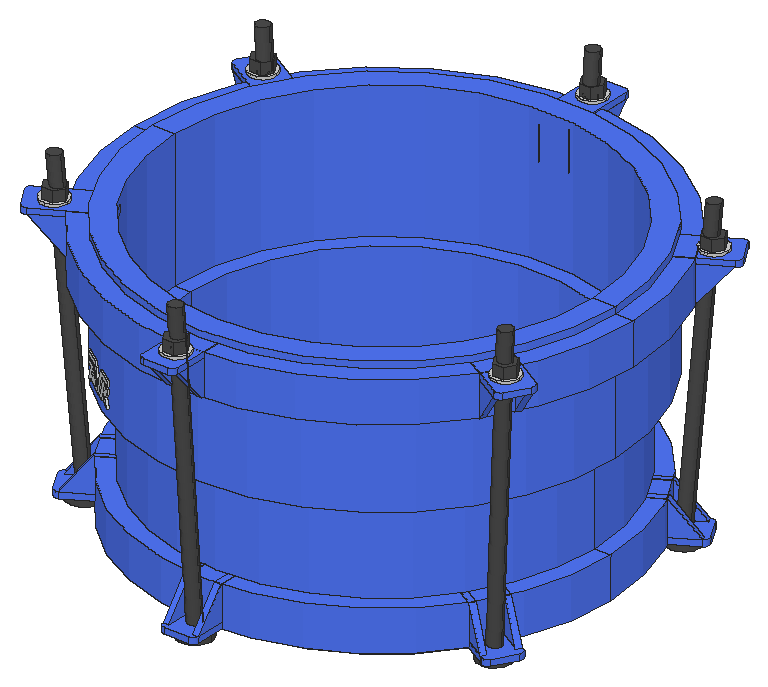
Revit family "602-1-002-DN225-300", category Pipe Accessories, Revit 2019
Family settings
  Round Connector Dimension = Use Diameter
  Part Type = Valve - Breaks Into
  Work Plane-Based = No
  Always vertical = Yes
  Cut with Voids When Loaded = No
  Shared = No
Parameters (values of type "DN300 - 350_324-350")
  W2(Addon) = W2 * 1.1  # 252.45 mm
  W2 = (D3 / 2) - 5 mm  # 229.5 mm
  W1 = 32 mm  # constant formula
  URL_product_pages = "https://www.avkvalves.com/P.aspx?no=6021191576100"
  Search_Table = "602-1-002-DN225-300"
  PCD/2 = PCD / 2  # 214 mm
  PCD(Addon) = PCD / 2 * 1.1  # 235.4 mm
  PCD = size_lookup(Search_Table, "PCD", 0 mm, DN)  # 428 mm
  L1 = size_lookup(Search_Table, "L1", 0 mm, DN)  # 160 mm
  L = size_lookup(Search_Table, "L", 0 mm, DN)  # 277 mm
  ID = DN / 2  # 150.15 mm
  F = 5 mm  # constant formula
  Description_ = "AVK UNIVERSAL SUPA® STEP COUPLING"
  DN225 = no
  DN250 = no
  DN300 = yes
  DN300 - 350_324-350 = "602-350-378-6100"
  DN300 - 350_ 301-327 = "602-327-378-6100"
  DN300 - 300_301-327 = "602-327-350-6100"
  DN250 - 300_266-292 = "602-292-327-6100"
  DN250 - 250_266-292 = "602-292-306-6100"
  DN225 - 250_242-268 = "602-268-292-6100"
  DN200 - 225_218-242 = "602-242-268-6100"
  DN200 - 225_193-215 = "602-215-268-6100"
  DN2 = Cut3 * 2  # 350 mm
  DN1 = Cut * 2  # 378 mm
  DN = 300.3 mm
  D4(Addon) = Cut3 + 20 mm  # 195 mm
  D3(Addon) = D3 * 1.1  # 515.9 mm
  D3 = size_lookup(Search_Table, "D3", 0 mm, DN)  # 469 mm
  D2(Addon) = Cut + 20 mm  # 209 mm
  D2 = Cut + 1 mm  # 190 mm
  D(Adddon) = D * 1.1  # 225.5 mm
  D = size_lookup(Search_Table, "D1", 0 mm, DN) / 2  # 205 mm
  Cut_2 = size_lookup(Search_Table, "Cut", 0 mm, DN) / 2  # 189 mm
  Cut3 = size_lookup(Search_Table, "Cut3", 0 mm, DN) / 2  # 175 mm
  Cut = size_lookup(Search_Table, "Cut", 0 mm, DN) / 2  # 189 mm
  Body_height_ref = Body_height - 12 mm  # 233 mm
  Body_height = size_lookup(Search_Table, "Body_height", 0 mm, DN)  # 245 mm
  B2 = Body_height / 2  # 122.5 mm
Types (9, lengths in mm): name | W2(Addon) | W2 | PCD/2 | PCD(Addon) | PCD | L1 | L | ID | DN225 | DN250 | DN300 | DN2 | DN1 | DN | D4(Addon) | D3(Addon) | D3 | D2(Addon) | D2 | D(Adddon) | D | Cut_2 | Cut3 | Cut
  (no name) | 252.45 | 229.5 | 214 | 235.4 | 428 | 160 | 277 | 150.15 | no | no | yes | 350 | 378 | 300.3 | 195 | 515.9 | 469 | 209 | 190 | 225.5 | 205 | 189 | 175 | 189
  DN200 - 225_193-215 | 206.8 | 188 | 175 | 192.5 | 350 | 140 | 257 | 112.5 | yes | no | no | 215 | 268 | 225 | 127.5 | 424.6 | 386 | 154 | 135 | 180.95 | 164.5 | 134 | 107.5 | 134
  DN200 - 225_218-242 | 206.8 | 188 | 175 | 192.5 | 350 | 140 | 257 | 112.55 | yes | no | no | 242 | 268 | 225.1 | 141 | 424.6 | 386 | 154 | 135 | 180.95 | 164.5 | 134 | 121 | 134
  DN225 - 250_242-268 | 228.25 | 207.5 | 194 | 213.4 | 388 | 160 | 277 | 125 | no | yes | no | 268 | 292 | 250 | 154 | 467.5 | 425 | 166 | 147 | 202.4 | 184 | 146 | 134 | 146
  DN250 - 250_266-292 | 228.25 | 207.5 | 194 | 213.4 | 388 | 160 | 277 | 125.05 | no | yes | no | 292 | 306 | 250.1 | 166 | 467.5 | 425 | 173 | 154 | 202.4 | 184 | 153 | 146 | 153
  DN250 - 300_266-292 | 252.45 | 229.5 | 214 | 235.4 | 428 | 160 | 277 | 150 | no | no | yes | 292 | 327 | 300 | 166 | 515.9 | 469 | 183.5 | 164.5 | 225.5 | 205 | 163.5 | 146 | 163.5
  DN300 - 300_301-327 | 252.45 | 229.5 | 214 | 235.4 | 428 | 160 | 277 | 150.05 | no | no | yes | 327 | 350 | 300.1 | 183.5 | 515.9 | 469 | 195 | 176 | 225.5 | 205 | 175 | 163.5 | 175
  DN300 - 350_324-350 | 252.45 | 229.5 | 214 | 235.4 | 428 | 160 | 277 | 150.15 | no | no | yes | 350 | 378 | 300.3 | 195 | 515.9 | 469 | 209 | 190 | 225.5 | 205 | 189 | 175 | 189
  DN300 - 350_ 301-327 | 252.45 | 229.5 | 214 | 235.4 | 428 | 160 | 277 | 150.1 | no | no | yes | 327 | 378 | 300.2 | 183.5 | 515.9 | 469 | 209 | 190 | 225.5 | 205 | 189 | 163.5 | 189
Reference planes
  plane 1 "Center (Front/Back)": y = 0
  plane 2: z = 0
  plane 3 "Center (Left/Right)": x = 0
  plane 4: y = 257.95
  plane 5: x = -16
  plane 6: x = 16
  plane 7: y = 16
  plane 8: y = 16
  plane 9: y = -16
  plane 10: y = -16
  plane 11: x = -16
  plane 12: y = -257.95
  plane 13: x = 16
  plane 14: x = -11
  plane 15: y = 252.95
  plane 16: x = 11
  plane 17: y = 252.95
  plane 18: y = -252.95
  plane 19: x = 11
  plane 20: x = -11
  plane 21: y = -252.95
  plane 22: y = -16
  plane 23: y = 16
  plane 24: x = 16
  plane 25: x = -16
  plane 26: x = 214
  plane 27: x = -214
  plane 28: y = 214
  plane 29: y = -214
  plane 30: z = 116.5
  plane 31: z = -116.5
  plane 32: z = -122.5
  plane 33: z = 154.5
  plane 34: y = -160
  plane 35: z = 128.5
  plane 36: x = -16
  plane 37: x = 16
  plane 38: y = 229.5
  plane 39: y = 229.5
  plane 40: y = -229.5
  plane 41: y = -229.5
  plane 42: y = 234.5
  plane 43: y = -234.5
  plane 44: x = -11
  plane 45: x = 11
  plane 46: x = -11
  plane 47: x = 11
  plane 48: x = -126.587
  plane 49: through (0, 0, 1200) normal (-0.5, 0.866, 0)
  plane 50: through (0, 0, 1200) normal (0.5, 0.866, 0)
  plane 51: through (206.913, 157.515, 1200) normal (0.866, 0.5, 0)
  plane 52: through (94.635, 73.113, 1200) normal (0.5, -0.866, 0)
  plane 53: through (110.635, 45.4, 1200) normal (0.5, -0.866, 0)
  plane 54: through (-41.226, 103.405, 1200) normal (0.866, 0.5, 0)
  plane 55: through (19.666, -2.062, 1200) normal (0.866, 0.5, 0)
  plane 56: through (-8.047, -18.062, 1200) normal (0.866, 0.5, 0)
  plane 57: through (-68.939, 87.405, 1200) normal (0.866, 0.5, 0)
  plane 58: through (-19.052, 7.475, 1200) normal (0.5, -0.866, 0)
  plane 59: through (-241.357, -97.857, 1200) normal (0.866, 0.5, 0)
  plane 60: through (-3.052, -20.237, 1200) normal (0.5, -0.866, 0)
  plane 61: through (88.475, 63.783, 1200) normal (-0.5, 0.866, 0)
  plane 62: through (208.595, 144.603, 1200) normal (-0.866, -0.5, 0)
  plane 63: through (99.475, 44.73, 1200) normal (-0.5, 0.866, 0)
  plane 64: through (229.87, 107.753, 1200) normal (-0.866, -0.5, 0)
  plane 65: through (-208.252, -145.197, 1200) normal (0.866, 0.5, 0)
  plane 66: through (-91.051, -65.27, 1200) normal (-0.5, 0.866, 0)
  plane 67: through (-102.051, -46.217, 1200) normal (-0.5, 0.866, 0)
  plane 68: through (-229.527, -108.347, 1200) normal (0.866, 0.5, 0)
  plane 69: through (239.869, -100.435, 1200) normal (0.866, -0.5, 0)
  plane 70: through (110.635, -45.4, 1200) normal (-0.5, -0.866, 0)
  plane 71: through (94.635, -73.113, 1200) normal (-0.5, -0.866, 0)
  plane 72: through (68.939, 87.405, 1200) normal (0.866, -0.5, 0)
  plane 73: through (8.047, -18.062, 1200) normal (0.866, -0.5, 0)
  plane 74: through (-19.666, -2.062, 1200) normal (0.866, -0.5, 0)
  plane 75: through (41.226, 103.405, 1200) normal (0.866, -0.5, 0)
  plane 76: through (-3.052, 20.237, 1200) normal (-0.5, -0.866, 0)
  plane 77: through (-205.425, 160.093, 1200) normal (0.866, -0.5, 0)
  plane 78: through (-19.052, -7.475, 1200) normal (-0.5, -0.866, 0)
  plane 79: through (99.475, -44.73, 1200) normal (0.5, 0.866, 0)
  plane 80: through (229.527, -108.347, 1200) normal (-0.866, 0.5, 0)
  plane 81: through (88.475, -63.783, 1200) normal (0.5, 0.866, 0)
  plane 82: through (208.252, -145.197, 1200) normal (-0.866, 0.5, 0)
  plane 83: through (-229.87, 107.753, 1200) normal (0.866, -0.5, 0)
  plane 84: through (-102.051, 46.217, 1200) normal (0.5, 0.866, 0)
  plane 85: through (-91.051, 65.27, 1200) normal (0.5, 0.866, 0)
  plane 86: through (-208.595, 144.603, 1200) normal (0.866, -0.5, 0)
  plane 87: through (104.583, 78.856, 1200) normal (-0.5, 0.866, 0)
  plane 88: through (120.583, 51.144, 1200) normal (-0.5, 0.866, 0)
  plane 89: through (206.753, 100.894, 1200) normal (0.866, 0.5, 0)
  plane 90: through (190.753, 128.606, 1200) normal (-0.866, -0.5, 0)
  plane 91: through (-190.753, -128.606, 1200) normal (0.866, 0.5, 0)
  plane 92: through (-206.753, -100.894, 1200) normal (-0.866, -0.5, 0)
  plane 93: through (197.583, 126.776, 1200) normal (-0.866, -0.5, 0)
  plane 94: through (-208.583, -107.724, 1200) normal (-0.866, -0.5, 0)
  plane 95: through (117.817, 80.723, 1200) normal (-0.5, 0.866, 0)
  plane 96: through (128.817, 61.671, 1200) normal (-0.5, 0.866, 0)
  plane 97: through (-122.413, -57.974, 1200) normal (0.5, -0.866, 0)
  plane 98: through (-111.413, -77.026, 1200) normal (0.5, -0.866, 0)
  plane 99: through (120.583, -51.144, 1200) normal (0.5, 0.866, 0)
  plane 100: through (104.583, -78.856, 1200) normal (0.5, 0.866, 0)
  plane 101: through (190.753, -128.606, 1200) normal (0.866, -0.5, 0)
  plane 102: through (206.753, -100.894, 1200) normal (-0.866, 0.5, 0)
  plane 103: through (-206.753, 100.894, 1200) normal (0.866, -0.5, 0)
  plane 104: through (-190.753, 128.606, 1200) normal (-0.866, 0.5, 0)
  plane 105: through (208.583, -107.724, 1200) normal (-0.866, 0.5, 0)
  plane 106: through (-197.583, 126.776, 1200) normal (-0.866, 0.5, 0)
  plane 107: through (128.817, -61.671, 1200) normal (0.5, 0.866, 0)
  plane 108: through (117.817, -80.723, 1200) normal (0.5, 0.866, 0)
  plane 109: through (-111.413, 77.026, 1200) normal (-0.5, -0.866, 0)
  plane 110: through (-122.413, 57.974, 1200) normal (-0.5, -0.866, 0)
  plane 111: through (0, 0, 1200) normal (-0.866, -0.5, 0)
  plane 112: through (0, 0, 1200) normal (-0.866, 0.5, 0)
  plane 113: y = -173.181
  plane 114: y = -235.4
Forms (mm)
  Revolve 1, solid, material "Plastic"
    sketch origin (0, 0, 0) x (1, 0, 0) y (0, 0, 1)
      loop
        line (0, 122.5) -> (0, -122.5) -> (195, -122.5) -> (195, -116.5) -> (205, -116.5) -> (205, -80) -> (190, -80) -> (190, 0) -> (209, 0) -> (209, 80) -> (225.5, 80) -> (225.5, 116.5) -> (209, 116.5) -> (209, 122.5) -> (0, 122.5)
      axis (0, -122.5) -> (0, 122.5)
    angle from 0 to 360
  Extrusion 2, solid, material "Plastic"
    sketch origin (0, 0, 0) x (1, 0, 0) y (0, 1, 0)
      loop
        arc (-11, 257.95) -> (-14.536, 256.486) -> (-16, 252.95) r 5
        line (-16, 252.95) -> (-16, 16) -> (-16, -252.95)
        arc (-16, -252.95) -> (-14.536, -256.486) -> (-11, -257.95) r 5
        line (-11, -257.95) -> (11, -257.95)
        arc (11, -257.95) -> (14.536, -256.486) -> (16, -252.95) r 5
        line (16, -252.95) -> (16, -16) -> (16, 252.95)
        arc (16, 252.95) -> (14.536, 256.486) -> (11, 257.95) r 5
        line (11, 257.95) -> (-11, 257.95)
    from 111.5 to 116.5
  Extrusion 3, solid, material "Plastic"
    sketch origin (0, 0, 0) x (1, 0, 0) y (0, 1, 0)
      loop
        line (16, -16) -> (16, 229.5)
        arc (16, 229.5) -> (14.536, 233.036) -> (11, 234.5) r 5
        line (11, 234.5) -> (-11, 234.5)
        arc (-11, 234.5) -> (-14.536, 233.036) -> (-16, 229.5) r 5
        line (-16, 229.5) -> (-16, -16) -> (-16, -229.5)
        arc (-16, -229.5) -> (-14.536, -233.036) -> (-11, -234.5) r 5
        line (-11, -234.5) -> (11, -234.5)
        arc (11, -234.5) -> (14.536, -233.036) -> (16, -229.5) r 5
        line (16, -229.5) -> (16, -16)
    from -116.5 to -111.5
  Extrusion 4, solid, material "Plastic"
    sketch origin (0, 0, 0) x (0, 1, 0) y (0, 0, 1)
      loop
        line (205, -80) -> (-205, -80) -> (-229.5, -111.5) -> (229.5, -111.5) -> (205, -80)
      loop
        line (252.45, 111.5) -> (-252.45, 111.5) -> (-225.5, 80) -> (225.5, 80) -> (252.45, 111.5)
    from 16 to 11
  Extrusion 5, solid, material "Plastic"
    sketch origin (0, 0, 0) x (0, 1, 0) y (0, 0, 1)
      loop
        line (252.45, 111.5) -> (-252.45, 111.5) -> (-225.5, 80) -> (225.5, 80) -> (252.45, 111.5)
      loop
        line (229.5, -111.5) -> (205, -80) -> (-205, -80) -> (-229.5, -111.5) -> (229.5, -111.5)
    from -16 to -11
  Extrusion 6, solid, material "Stainless Steel AISI 304(1)"
    sketch origin (0, 0, 0) x (1, 0, 0) y (0, 1, 0)
      loop
        circle (0, 235.4) r 12
      loop
        circle (0, -235.4) r 12
      loop
        circle (-203.862, 117.7) r 12
      loop
        circle (203.862, 117.7) r 12
      loop
        circle (-203.862, -117.7) r 12
      loop
        circle (203.862, -117.7) r 12
    from 116.5 to 118.5
  Blend 7, solid, material "Stainless Steel AISI 304"
    base sketch origin (0, 0, 0) x (1, 0, 0) y (0, 1, 0)
      loop
        circle (0, 235.4) r 6
    top sketch origin (0, 0, 0) x (1, 0, 0) y (0, 1, 0)
      loop
        circle (0, 214) r 6
    from 154.5 to -111.5
  Blend 8, solid, material "Stainless Steel AISI 304"
    base sketch origin (0, 0, 0) x (1, 0, 0) y (0, 1, 0)
      loop
        circle (0, -235.4) r 6
    top sketch origin (0, 0, 0) x (1, 0, 0) y (0, 1, 0)
      loop
        circle (0, -214) r 6
    from 154.5 to -111.5
  Extrusion 9, solid, material "Plastic"
    sketch origin (0, 0, 0) x (0.5, -0.866025, 0) y (0.866025, 0.5, 0)
      loop
        arc (-11, 257.95) -> (-14.536, 256.486) -> (-16, 252.95) r 5
        line (-16, 252.95) -> (-16, 16) -> (-16, -252.95)
        arc (-16, -252.95) -> (-14.536, -256.486) -> (-11, -257.95) r 5
        line (-11, -257.95) -> (11, -257.95)
        arc (11, -257.95) -> (14.536, -256.486) -> (16, -252.95) r 5
        line (16, -252.95) -> (16, -16) -> (16, 252.95)
        arc (16, 252.95) -> (14.536, 256.486) -> (11, 257.95) r 5
        line (11, 257.95) -> (-11, 257.95)
    from 111.5 to 116.5
  Extrusion 10, solid, material "Plastic"
    sketch origin (0, 0, 0) x (-0.5, -0.866025, 0) y (0.866025, -0.5, 0)
      loop
        arc (-11, 257.95) -> (-14.536, 256.486) -> (-16, 252.95) r 5
        line (-16, 252.95) -> (-16, 16) -> (-16, -252.95)
        arc (-16, -252.95) -> (-14.536, -256.486) -> (-11, -257.95) r 5
        line (-11, -257.95) -> (11, -257.95)
        arc (11, -257.95) -> (14.536, -256.486) -> (16, -252.95) r 5
        line (16, -252.95) -> (16, -16) -> (16, 252.95)
        arc (16, 252.95) -> (14.536, 256.486) -> (11, 257.95) r 5
        line (11, 257.95) -> (-11, 257.95)
    from 111.5 to 116.5
  Extrusion 11, solid, material "Plastic"
    sketch origin (0, 0, 0) x (0.5, -0.866025, 0) y (0.866025, 0.5, 0)
      loop
        line (16, -16) -> (16, 229.5)
        arc (16, 229.5) -> (14.536, 233.036) -> (11, 234.5) r 5
        line (11, 234.5) -> (-11, 234.5)
        arc (-11, 234.5) -> (-14.536, 233.036) -> (-16, 229.5) r 5
        line (-16, 229.5) -> (-16, -16) -> (-16, -229.5)
        arc (-16, -229.5) -> (-14.536, -233.036) -> (-11, -234.5) r 5
        line (-11, -234.5) -> (11, -234.5)
        arc (11, -234.5) -> (14.536, -233.036) -> (16, -229.5) r 5
        line (16, -229.5) -> (16, -16)
    from -116.5 to -111.5
  Extrusion 12, solid, material "Plastic"
    sketch origin (0, 0, 0) x (-0.5, -0.866025, 0) y (0.866025, -0.5, 0)
      loop
        line (16, -16) -> (16, 229.5)
        arc (16, 229.5) -> (14.536, 233.036) -> (11, 234.5) r 5
        line (11, 234.5) -> (-11, 234.5)
        arc (-11, 234.5) -> (-14.536, 233.036) -> (-16, 229.5) r 5
        line (-16, 229.5) -> (-16, -16) -> (-16, -229.5)
        arc (-16, -229.5) -> (-14.536, -233.036) -> (-11, -234.5) r 5
        line (-11, -234.5) -> (11, -234.5)
        arc (11, -234.5) -> (14.536, -233.036) -> (16, -229.5) r 5
        line (16, -229.5) -> (16, -16)
    from -116.5 to -111.5
  Blend 13, solid, material "Plastic"
    base sketch origin (0, 0, 0) x (1, 0, 0) y (0, 1, 0)
      loop
        line (-203.289, -98.894) -> (-200.789, -103.224) -> (189.789, 122.276) -> (187.289, 126.606) -> (-203.289, -98.894)
    top sketch origin (0, 0, 0) x (1, 0, 0) y (0, 1, 0)
      loop
        line (-226.628, -112.369) -> (-224.128, -116.699) -> (213.128, 135.751) -> (210.628, 140.081) -> (-226.628, -112.369)
    from 80 to 111.5
  Blend 14, solid, material "Plastic"
    base sketch origin (0, 0, 0) x (1, 0, 0) y (0, 1, 0)
      loop
        line (-210.628, -140.081) -> (226.628, 112.369) -> (224.128, 116.699) -> (-213.128, -135.751) -> (-210.628, -140.081)
    top sketch origin (0, 0, 0) x (1, 0, 0) y (0, 1, 0)
      loop
        line (203.289, 98.894) -> (200.789, 103.224) -> (-189.789, -122.276) -> (-187.289, -126.606) -> (203.289, 98.894)
    from 111.5 to 80
  Blend 15, solid, material "Plastic"
    base sketch origin (0, 0, 0) x (0.5, -0.866025, 0) y (0.866025, 0.5, 0)
      loop
        line (-203.289, -98.894) -> (-200.789, -103.224) -> (189.789, 122.276) -> (187.289, 126.606) -> (-203.289, -98.894)
    top sketch origin (0, 0, 0) x (0.5, -0.866025, 0) y (0.866025, 0.5, 0)
      loop
        line (-226.628, -112.369) -> (-224.128, -116.699) -> (213.128, 135.751) -> (210.628, 140.081) -> (-226.628, -112.369)
    from 80 to 111.5
  Blend 16, solid, material "Plastic"
    base sketch origin (0, 0, 0) x (0.5, -0.866025, 0) y (0.866025, 0.5, 0)
      loop
        line (-210.628, -140.081) -> (226.628, 112.369) -> (224.128, 116.699) -> (-213.128, -135.751) -> (-210.628, -140.081)
    top sketch origin (0, 0, 0) x (0.5, -0.866025, 0) y (0.866025, 0.5, 0)
      loop
        line (203.289, 98.894) -> (200.789, 103.224) -> (-189.789, -122.276) -> (-187.289, -126.606) -> (203.289, 98.894)
    from 111.5 to 80
  Blend 17, solid, material "Plastic"
    base sketch origin (0, 0, 0) x (1, 0, 0) y (0, 1, 0)
      loop
        line (-193.253, 124.276) -> (204.253, -105.224) -> (206.753, -100.894) -> (-190.753, 128.606) -> (-193.253, 124.276)
    top sketch origin (0, 0, 0) x (1, 0, 0) y (0, 1, 0)
      loop
        line (-169.535, 116.356) -> (-172.035, 112.026) -> (183.035, -92.974) -> (185.535, -88.644) -> (-169.535, 116.356)
    from -116.5 to -80
  Blend 18, solid, material "Plastic"
    base sketch origin (0, 0, 0) x (1, 0, 0) y (0, 1, 0)
      loop
        line (-206.753, 100.894) -> (190.753, -128.606) -> (193.253, -124.276) -> (-204.253, 105.224) -> (-206.753, 100.894)
    top sketch origin (0, 0, 0) x (1, 0, 0) y (0, 1, 0)
      loop
        line (-185.535, 88.644) -> (169.535, -116.356) -> (172.035, -112.026) -> (-183.035, 92.974) -> (-185.535, 88.644)
    from -116.5 to -80
  Blend 19, solid, material "Plastic"
    base sketch origin (0, 0, 0) x (1, 0, 0) y (0, 1, 0)
      loop
        line (-206.753, -100.894) -> (-204.253, -105.224) -> (193.253, 124.276) -> (190.753, 128.606) -> (-206.753, -100.894)
    top sketch origin (0, 0, 0) x (1, 0, 0) y (0, 1, 0)
      loop
        line (-185.535, -88.644) -> (-183.035, -92.974) -> (172.035, 112.026) -> (169.535, 116.356) -> (-185.535, -88.644)
    from -111.5 to -80
  Blend 20, solid, material "Plastic"
    base sketch origin (0, 0, 0) x (1, 0, 0) y (0, 1, 0)
      loop
        line (-193.253, -124.276) -> (-190.753, -128.606) -> (206.753, 100.894) -> (204.253, 105.224) -> (-193.253, -124.276)
    top sketch origin (0, 0, 0) x (1, 0, 0) y (0, 1, 0)
      loop
        line (183.035, 92.974) -> (-172.035, -112.026) -> (-169.535, -116.356) -> (185.535, 88.644) -> (183.035, 92.974)
    from -111.5 to -80
  Blend 21, solid, material "Stainless Steel AISI 304"
    base sketch origin (0, 0, 0) x (1, 0, 0) y (0, 1, 0)
      loop
        circle (-185.329, 107) r 6
    top sketch origin (0, 0, 0) x (1, 0, 0) y (0, 1, 0)
      loop
        circle (-203.862, 117.7) r 6
    from -111.5 to 154.5
  Blend 22, solid, material "Stainless Steel AISI 304"
    base sketch origin (0, 0, 0) x (1, 0, 0) y (0, 1, 0)
      loop
        circle (185.329, 107) r 6
    top sketch origin (0, 0, 0) x (1, 0, 0) y (0, 1, 0)
      loop
        circle (203.862, 117.7) r 6
    from -111.5 to 154.5
  Blend 23, solid, material "Stainless Steel AISI 304"
    base sketch origin (0, 0, 0) x (1, 0, 0) y (0, 1, 0)
      loop
        circle (-185.329, -107) r 6
    top sketch origin (0, 0, 0) x (1, 0, 0) y (0, 1, 0)
      loop
        circle (-203.862, -117.7) r 6
    from -111.5 to 154.5
  Blend 24, solid, material "Stainless Steel AISI 304"
    base sketch origin (0, 0, 0) x (1, 0, 0) y (0, 1, 0)
      loop
        circle (185.329, -107) r 6
    top sketch origin (0, 0, 0) x (1, 0, 0) y (0, 1, 0)
      loop
        circle (203.862, -117.7) r 6
    from -111.5 to 154.5
  Extrusion 25, solid, material "Stainless Steel AISI 304"
    sketch origin (0, 0, 0) x (1, 0, 0) y (0, 1, 0)
      loop
        circle (0, 214) r 15
      loop
        circle (185.329, 107) r 15
      loop
        circle (185.329, -107) r 15
      loop
        circle (0, -214) r 15
      loop
        circle (-185.329, -107) r 15
      loop
        circle (-185.329, 107) r 15
    from -122.5 to -116.5
  Revolve 26, void
    sketch origin (0, 0, 0) x (1, 0, 0) y (0, 0, 1)
      loop
        line (0, 122.5) -> (0, -122.5) -> (175, -122.5) -> (175, 0) -> (189, 0) -> (189, 122.5) -> (0, 122.5)
      axis (0, -122.5) -> (0, 122.5)
    angle from 0 to 360
Cuts and joins
  Revolve 26 cuts Revolve 1
  Revolve 26 cuts Extrusion 2
  Revolve 26 cuts Extrusion 3
  Revolve 26 cuts Extrusion 4
  Revolve 26 cuts Extrusion 5
  Revolve 26 cuts Extrusion 9
  Revolve 26 cuts Extrusion 10
  Revolve 26 cuts Extrusion 11
  Revolve 26 cuts Extrusion 12
  Revolve 26 cuts Blend 13
  Revolve 26 cuts Blend 14
  Revolve 26 cuts Blend 15
  Revolve 26 cuts Blend 16
  Revolve 26 cuts Blend 17
  Revolve 26 cuts Blend 18
  Revolve 26 cuts Blend 19
  Revolve 26 cuts Blend 20
Dimensions and locks
  "L1": Revolve 1 sketch curve to Revolve 1 sketch curve
  locked: plane 16 to plane 6 at 5
  locked: plane 4 to plane 17 at 5
  locked: plane 5 to plane 14 at 5
  locked: plane 4 to plane 15 at 5
  locked: plane 21 to plane 12 at 5
  locked: plane 18 to plane 12 at 5
  locked: plane 11 to plane 20 at 5
  locked: plane 19 to plane 13 at 5
  equal spacing: plane 5, plane 3 "Center (Left/Right)", plane 6
  equal spacing: plane 11, plane 3 "Center (Left/Right)", plane 13
  "W1": plane 5 to plane 6
  "W1": plane 11 to plane 13
  equal spacing: plane 4, plane 1 "Center (Front/Back)", plane 12
  "D3(Addon)": plane 4 to plane 12
  equal spacing: plane 26, plane 3 "Center (Left/Right)", plane 27
  equal spacing: plane 28, plane 1 "Center (Front/Back)", plane 29
  locked: Revolve 1 sketch curve to Revolve 1 sketch curve at 6  (x2)
  equal spacing: Revolve 1 sketch curve, level, Revolve 1 sketch curve
  "Body_height": Revolve 1 sketch curve to Revolve 1 sketch curve
  equal spacing: plane 30, level, plane 31
  "Body_height_ref": plane 30 to plane 31
  "F": Extrusion 3 to plane 31
  "F": plane 30 to Extrusion 2
  equal spacing: Extrusion 4 sketch curve, plane 1 "Center (Front/Back)", Extrusion 4 sketch curve  (x4)
  "W2": Extrusion 4 sketch curve to plane 1 "Center (Front/Back)"
  "D": Extrusion 4 sketch curve to plane 1 "Center (Front/Back)"
  "F": plane 24 to Extrusion 4
  equal spacing: Extrusion 5 sketch curve, plane 1 "Center (Front/Back)", Extrusion 5 sketch curve  (x4)
  "W2(Addon)": plane 1 "Center (Front/Back)" to Extrusion 5 sketch curve
  "D(Adddon)": plane 1 "Center (Front/Back)" to Extrusion 5 sketch curve
  "W2": plane 1 "Center (Front/Back)" to Extrusion 5 sketch curve
  "D": plane 1 "Center (Front/Back)" to Extrusion 5 sketch curve
  "F": Extrusion 5 to plane 25
  "B2": level to plane 32
  "L": plane 33 to plane 32
  equal spacing: Extrusion 6 sketch curve, plane 1 "Center (Front/Back)", Extrusion 6 sketch curve
  locked: Extrusion 6 to plane 30 at 2
  equal spacing: Revolve 1 sketch curve, Revolve 1 sketch curve, Revolve 1 sketch curve
  "PCD(Addon)": plane 1 "Center (Front/Back)" to Blend 7 sketch curve
  "PCD/2": plane 1 "Center (Front/Back)" to Blend 7 sketch curve
  "PCD(Addon)": Blend 8 sketch curve to plane 1 "Center (Front/Back)"
  "PCD/2": Blend 8 sketch curve to plane 1 "Center (Front/Back)"
  "PCD/2": plane 26 to plane 3 "Center (Left/Right)"
  "PCD/2": plane 1 "Center (Front/Back)" to plane 29
  plane 35 to plane 30 = 12 mm
  "D(Adddon)": Revolve 1 sketch curve to plane 3 "Center (Left/Right)"
  "D2(Addon)": Revolve 1 sketch curve to plane 3 "Center (Left/Right)"
  "D2": Revolve 1 sketch curve to plane 3 "Center (Left/Right)"
  "D": Revolve 1 sketch curve to plane 3 "Center (Left/Right)"
  "PCD(Addon)": plane 1 "Center (Front/Back)" to Extrusion 6 sketch curve
  equal spacing: plane 36, plane 3 "Center (Left/Right)", plane 37  (x2)
  "W1": plane 36 to plane 37
  locked: plane 45 to plane 37 at 5
  locked: plane 36 to plane 44 at 5
  locked: plane 38 to plane 42 at 5
  locked: plane 39 to plane 42 at 5
  plane 36 to plane 37 = 32 mm
  locked: plane 47 to plane 37 at 5
  locked: plane 36 to plane 46 at 5
  locked: plane 40 to plane 43 at 5
  locked: plane 43 to plane 41 at 5
  equal spacing: plane 43, plane 1 "Center (Front/Back)", plane 42
  "D3": plane 43 to plane 42
  "W2(Addon)": plane 1 "Center (Front/Back)" to Extrusion 4 sketch curve
  "D(Adddon)": plane 1 "Center (Front/Back)" to Extrusion 4 sketch curve
  locked: plane 63 to plane 53 at 5
  locked: plane 51 to plane 64 at 5
  locked: plane 52 to plane 61 at 5
  locked: plane 51 to plane 62 at 5
  locked: plane 68 to plane 59 at 5
  locked: plane 65 to plane 59 at 5
  locked: plane 58 to plane 67 at 5
  locked: plane 66 to plane 60 at 5
  plane 52 to plane 53 = 32 mm
  plane 58 to plane 60 = 32 mm
  "W1": plane 52 to plane 53
  "W1": plane 58 to plane 60
  "D3(Addon)": plane 51 to plane 59
  locked: plane 81 to plane 71 at 5
  locked: plane 69 to plane 82 at 5
  locked: plane 70 to plane 79 at 5
  locked: plane 69 to plane 80 at 5
  locked: plane 86 to plane 77 at 5
  locked: plane 83 to plane 77 at 5
  locked: plane 76 to plane 85 at 5
  locked: plane 84 to plane 78 at 5
  plane 70 to plane 71 = 32 mm
  plane 76 to plane 78 = 32 mm
  "W1": plane 70 to plane 71
  "W1": plane 76 to plane 78
  "D3(Addon)": plane 69 to plane 77
  plane 87 to plane 88 = 32 mm  (x3)
  "W1": plane 87 to plane 88
  locked: plane 96 to plane 88 at 5
  locked: plane 87 to plane 95 at 5
  locked: plane 89 to plane 93 at 5
  locked: plane 90 to plane 93 at 5
  locked: plane 98 to plane 88 at 5
  locked: plane 87 to plane 97 at 5
  locked: plane 91 to plane 94 at 5
  locked: plane 94 to plane 92 at 5
  "D3": plane 94 to plane 93
  plane 99 to plane 100 = 32 mm  (x3)
  "W1": plane 99 to plane 100
  locked: plane 108 to plane 100 at 5
  locked: plane 99 to plane 107 at 5
  locked: plane 101 to plane 105 at 5
  locked: plane 102 to plane 105 at 5
  locked: plane 110 to plane 100 at 5
  locked: plane 99 to plane 109 at 5
  locked: plane 103 to plane 106 at 5
  locked: plane 106 to plane 104 at 5
  "D3": plane 106 to plane 105
  equal spacing: plane 93, plane 111, plane 94
  equal spacing: plane 51, plane 111, plane 59
  equal spacing: plane 69, plane 112, plane 77
  equal spacing: plane 105, plane 112, plane 106
  locked: Extrusion 9 to Blend 13 sketch curve at 5  (x2)
  equal spacing: Blend 13 sketch curve, plane 111, Blend 13 sketch curve  (x2)
  "D(Adddon)": plane 111 to Blend 13 sketch curve
  "W2(Addon)": plane 111 to Blend 13 sketch curve
  locked: Blend 14 sketch curve to Extrusion 9 at 5  (x2)
  equal spacing: Blend 14 sketch curve, plane 111, Blend 14 sketch curve  (x2)
  "W2(Addon)": plane 111 to Blend 14 sketch curve
  "D(Adddon)": Blend 14 sketch curve to plane 111
  locked: Extrusion 10 to Blend 15 sketch curve at 5  (x2)
  equal spacing: Blend 15 sketch curve, plane 112, Blend 15 sketch curve  (x2)
  "D(Adddon)": plane 112 to Blend 15 sketch curve
  "W2(Addon)": Blend 15 sketch curve to plane 112
  locked: Blend 16 sketch curve to Extrusion 10 at 5  (x2)
  equal spacing: Blend 16 sketch curve, plane 112, Blend 16 sketch curve  (x2)
  "W2(Addon)": Blend 16 sketch curve to plane 112
  "D(Adddon)": Blend 16 sketch curve to plane 112
  equal spacing: Blend 17 sketch curve, plane 112, Blend 17 sketch curve  (x2)
  "W2": Blend 17 sketch curve to plane 112
  "D": Blend 17 sketch curve to plane 112
  locked: Extrusion 10 to Blend 16 at 5
  equal spacing: Blend 18 sketch curve, plane 112, Blend 18 sketch curve  (x2)
  "W2": Blend 18 sketch curve to plane 112
  "D": plane 112 to Blend 18 sketch curve
  equal spacing: Blend 19 sketch curve, plane 111, Blend 19 sketch curve  (x2)
  "W2": plane 111 to Blend 19 sketch curve
  "D": plane 111 to Blend 19 sketch curve
  equal spacing: Blend 20 sketch curve, plane 111, Blend 20 sketch curve  (x2)
  "W2": plane 111 to Blend 20 sketch curve
  "D": plane 111 to Blend 20 sketch curve
  equal spacing: Extrusion 6 sketch curve, plane 111, Extrusion 6 sketch curve
  "PCD(Addon)": plane 111 to Extrusion 6 sketch curve
  equal spacing: Extrusion 6 sketch curve, plane 112, Extrusion 6 sketch curve
  "PCD(Addon)": Extrusion 6 sketch curve to plane 112
  "PCD/2": plane 112 to Blend 21 sketch curve
  "PCD(Addon)": plane 112 to Blend 21 sketch curve
  "PCD/2": plane 111 to Blend 22 sketch curve
  "PCD(Addon)": plane 111 to Blend 22 sketch curve
  "PCD/2": Blend 23 sketch curve to plane 111
  "PCD(Addon)": Blend 23 sketch curve to plane 111
  "PCD(Addon)": Blend 24 sketch curve to plane 112
  "PCD/2": Blend 24 sketch curve to plane 112
  equal spacing: Extrusion 25 sketch curve, plane 1 "Center (Front/Back)", Extrusion 25 sketch curve
  equal spacing: Extrusion 25 sketch curve, plane 111, Extrusion 25 sketch curve
  "PCD/2": plane 111 to Extrusion 25 sketch curve
  "PCD/2": plane 1 "Center (Front/Back)" to Extrusion 25 sketch curve
  equal spacing: Extrusion 25 sketch curve, plane 112, Extrusion 25 sketch curve
  "PCD/2": Extrusion 25 sketch curve to plane 112
  Revolve 1 to Blend 18 = 160 mm
  "D4(Addon)": Revolve 1 sketch curve to plane 3 "Center (Left/Right)"
  "Cut": Revolve 26 sketch curve to plane 3 "Center (Left/Right)"
  "Cut3": Revolve 26 sketch curve to plane 3 "Center (Left/Right)"
  locked: plane 111 to plane 1 "Center (Front/Back)" (angle 60.00°)
  locked: plane 1 "Center (Front/Back)" to plane 112 (angle 60.00°)
  aligned and locked: level to plane 2
  aligned and locked: Revolve 1 sketch curve to plane 3 "Center (Left/Right)"
  aligned and locked: Revolve 1 sketch curve to Revolve 1 sketch curve  (x2)
  aligned and locked: plane 4 to Extrusion 2 sketch curve  (x2)
  aligned and locked: Extrusion 2 sketch curve to plane 14
  aligned and locked: plane 15 to Extrusion 2 sketch curve
  aligned and locked: plane 5 to Extrusion 2 sketch curve  (x2)
  aligned and locked: Extrusion 2 sketch curve to plane 16
  aligned and locked: Extrusion 2 sketch curve to plane 17
  aligned and locked: plane 6 to Extrusion 2 sketch curve
  aligned and locked: Extrusion 2 sketch curve to plane 13
  aligned and locked: plane 18 to Extrusion 2 sketch curve
  aligned and locked: plane 12 to Extrusion 2 sketch curve  (x2)
  aligned and locked: plane 19 to Extrusion 2 sketch curve
  aligned and locked: plane 20 to Extrusion 2 sketch curve
  aligned and locked: Extrusion 2 sketch curve to plane 21
  aligned and locked: Extrusion 2 sketch curve to plane 11
  aligned and locked: plane 13 to Extrusion 2 sketch curve
  aligned and locked: plane 9 to Extrusion 2 sketch curve
  aligned and locked: plane 7 to Extrusion 2 sketch curve
  aligned and locked: Extrusion 2 to plane 30
  aligned and locked: plane 31 to Extrusion 3
  aligned and locked: Extrusion 4 sketch curve to Revolve 1  (x2)
  aligned and locked: Extrusion 2 to Extrusion 4
  aligned and locked: Extrusion 2 to Extrusion 5 sketch curve
  aligned and locked: Extrusion 5 sketch curve to Revolve 1  (x2)
  aligned and locked: Extrusion 2 to Extrusion 5
  aligned and locked: Extrusion 6 to Revolve 1
  aligned and locked: plane 33 to Blend 7
  aligned and locked: plane 33 to Blend 8
  aligned and locked: Extrusion 3 sketch curve to plane 36
  aligned and locked: plane 39 to Extrusion 3 sketch curve
  aligned and locked: plane 42 to Extrusion 3 sketch curve  (x2)
  aligned and locked: Extrusion 3 sketch curve to plane 44
  aligned and locked: plane 45 to Extrusion 3 sketch curve
  aligned and locked: plane 37 to Extrusion 3 sketch curve
  aligned and locked: plane 38 to Extrusion 3 sketch curve
  aligned and locked: plane 40 to Extrusion 3 sketch curve
  aligned and locked: Extrusion 3 sketch curve to plane 37
  aligned and locked: plane 43 to Extrusion 3 sketch curve
  aligned and locked: Extrusion 3 sketch curve to plane 47
  aligned and locked: plane 46 to Extrusion 3 sketch curve
  aligned and locked: plane 41 to Extrusion 3 sketch curve
  aligned and locked: plane 36 to Extrusion 3 sketch curve
  aligned and locked: plane 51 to Extrusion 9 sketch curve  (x2)
  aligned and locked: Extrusion 9 sketch curve to plane 61
  aligned and locked: plane 62 to Extrusion 9 sketch curve
  aligned and locked: plane 52 to Extrusion 9 sketch curve  (x2)
  aligned and locked: Extrusion 9 sketch curve to plane 63
  aligned and locked: Extrusion 9 sketch curve to plane 64
  aligned and locked: plane 53 to Extrusion 9 sketch curve
  aligned and locked: Extrusion 9 sketch curve to plane 60
  aligned and locked: plane 65 to Extrusion 9 sketch curve
  aligned and locked: plane 59 to Extrusion 9 sketch curve  (x2)
  aligned and locked: plane 66 to Extrusion 9 sketch curve
  aligned and locked: plane 67 to Extrusion 9 sketch curve
  aligned and locked: Extrusion 9 sketch curve to plane 68
  aligned and locked: Extrusion 9 sketch curve to plane 58
  aligned and locked: plane 60 to Extrusion 9 sketch curve
  aligned and locked: plane 56 to Extrusion 9 sketch curve
  aligned and locked: plane 54 to Extrusion 9 sketch curve
  aligned and locked: plane 69 to Extrusion 10 sketch curve  (x2)
  aligned and locked: Extrusion 10 sketch curve to plane 79
  aligned and locked: plane 80 to Extrusion 10 sketch curve
  aligned and locked: plane 70 to Extrusion 10 sketch curve  (x2)
  aligned and locked: Extrusion 10 sketch curve to plane 81
  aligned and locked: Extrusion 10 sketch curve to plane 82
  aligned and locked: plane 71 to Extrusion 10 sketch curve
  aligned and locked: Extrusion 10 sketch curve to plane 78
  aligned and locked: plane 83 to Extrusion 10 sketch curve
  aligned and locked: plane 77 to Extrusion 10 sketch curve  (x2)
  aligned and locked: plane 84 to Extrusion 10 sketch curve
  aligned and locked: plane 85 to Extrusion 10 sketch curve
  aligned and locked: Extrusion 10 sketch curve to plane 86
  aligned and locked: Extrusion 10 sketch curve to plane 76
  aligned and locked: plane 78 to Extrusion 10 sketch curve
  aligned and locked: plane 74 to Extrusion 10 sketch curve
  aligned and locked: plane 72 to Extrusion 10 sketch curve
  aligned and locked: Extrusion 11 sketch curve to plane 87
  aligned and locked: plane 90 to Extrusion 11 sketch curve
  aligned and locked: plane 93 to Extrusion 11 sketch curve  (x2)
  aligned and locked: Extrusion 11 sketch curve to plane 95
  aligned and locked: plane 96 to Extrusion 11 sketch curve
  aligned and locked: plane 88 to Extrusion 11 sketch curve
  aligned and locked: plane 89 to Extrusion 11 sketch curve
  aligned and locked: plane 91 to Extrusion 11 sketch curve
  aligned and locked: Extrusion 11 sketch curve to plane 88
  aligned and locked: plane 94 to Extrusion 11 sketch curve
  aligned and locked: Extrusion 11 sketch curve to plane 98
  aligned and locked: plane 97 to Extrusion 11 sketch curve
  aligned and locked: plane 92 to Extrusion 11 sketch curve
  aligned and locked: plane 87 to Extrusion 11 sketch curve
  aligned and locked: Extrusion 12 sketch curve to plane 99
  aligned and locked: plane 102 to Extrusion 12 sketch curve
  aligned and locked: plane 105 to Extrusion 12 sketch curve  (x2)
  aligned and locked: Extrusion 12 sketch curve to plane 107
  aligned and locked: plane 108 to Extrusion 12 sketch curve
  aligned and locked: plane 100 to Extrusion 12 sketch curve
  aligned and locked: plane 101 to Extrusion 12 sketch curve
  aligned and locked: plane 103 to Extrusion 12 sketch curve
  aligned and locked: Extrusion 12 sketch curve to plane 100
  aligned and locked: plane 106 to Extrusion 12 sketch curve
  aligned and locked: Extrusion 12 sketch curve to plane 110
  aligned and locked: plane 109 to Extrusion 12 sketch curve
  aligned and locked: plane 104 to Extrusion 12 sketch curve
  aligned and locked: plane 99 to Extrusion 12 sketch curve
  aligned and locked: Extrusion 10 to Revolve 1
  aligned and locked: Extrusion 9 to Revolve 1
  aligned and locked: Blend 13 sketch curve to Extrusion 9  (x2)
  aligned and locked: Blend 13 to Revolve 1
  aligned and locked: Extrusion 9 to Blend 14 sketch curve  (x2)
  aligned and locked: Revolve 1 to Blend 14
  aligned and locked: Blend 15 sketch curve to Extrusion 10  (x2)
  aligned and locked: Blend 16 sketch curve to Extrusion 10  (x2)
  aligned and locked: Blend 16 to Revolve 1
  aligned and locked: Blend 15 to Revolve 1
  aligned and locked: Blend 15 to Blend 17 sketch curve  (x2)
  aligned and locked: Blend 17 sketch curve to Extrusion 10  (x2)
  aligned and locked: Blend 17 to Revolve 1
  aligned and locked: Extrusion 10 to Blend 18 sketch curve
  aligned and locked: Blend 16 to Blend 18 sketch curve
  aligned and locked: Blend 18 sketch curve to Extrusion 10
  aligned and locked: Blend 18 sketch curve to Blend 16
  aligned and locked: Blend 18 to Revolve 1
  aligned and locked: Blend 19 sketch curve to Extrusion 9  (x2)
  aligned and locked: Blend 19 sketch curve to Blend 13  (x2)
  aligned and locked: Blend 19 to Revolve 1
  aligned and locked: Blend 20 sketch curve to Extrusion 9  (x2)
  aligned and locked: Blend 20 sketch curve to Blend 14  (x2)
  aligned and locked: Blend 20 to Revolve 1
  aligned and locked: Revolve 1 sketch curve to level
  aligned and locked: plane 33 to Blend 21
  aligned and locked: Blend 22 to Blend 7
  aligned and locked: Blend 7 to Blend 23
  aligned and locked: plane 3 "Center (Left/Right)" to nested 4
  aligned and locked: Extrusion 25 to Revolve 1
  aligned and locked: Extrusion 11 to Revolve 1
  aligned and locked: Extrusion 12 to Revolve 1
  aligned and locked: Revolve 1 to Extrusion 25
  aligned and locked: Revolve 26 sketch curve to nested 4
  aligned and locked: Revolve 26 sketch curve to Revolve 1
  aligned and locked: Revolve 26 sketch curve to Revolve 26 sketch curve
  aligned and locked: plane 33 to Blend 24
  aligned and locked: Blend 16 to cut or joined group of Extrusion 2, Revolve 26
  aligned and locked: Blend 14 to cut or joined group of Extrusion 2, Revolve 26
  aligned and locked: Blend 13 to cut or joined group of Extrusion 2, Revolve 26
  aligned and locked: Blend 15 to cut or joined group of Extrusion 2, Revolve 26
  aligned and locked: Blend 18 to Extrusion 25
  aligned and locked: Blend 17 to Extrusion 25
  aligned and locked: Blend 19 to Blend 7
  aligned and locked: Blend 20 to Blend 7
  aligned and locked: Blend 19 to Blend 8
  aligned and locked: Blend 20 to Blend 21
Automatic sketch dimensions
  Revolve 1 sketch curve to level = 22 mm
  level to Revolve 1 sketch curve = 38 mm
  plane 22 to Extrusion 3 sketch curve = 0 mm  (x2)
  Extrusion 4 sketch curve to plane 31 = 5 mm
  plane 30 to Extrusion 4 sketch curve = 5 mm
  Extrusion 5 sketch curve to plane 31 = 5 mm
  plane 50 to Extrusion 6 sketch curve = 0 mm  (x2)
  Extrusion 6 sketch curve to plane 49 = 0 mm  (x2)
  Extrusion 6 sketch curve to plane 3 "Center (Left/Right)" = 0 mm  (x2)
  Blend 7 sketch curve to plane 3 "Center (Left/Right)" = 0 mm  (x2)
  Blend 8 sketch curve to plane 3 "Center (Left/Right)" = 0 mm  (x2)
  plane 111 to Extrusion 11 sketch curve = 16 mm  (x2)
  Extrusion 12 sketch curve to plane 112 = 16 mm  (x2)
  plane 50 to Blend 21 sketch curve = 0 mm  (x2)
  Blend 22 sketch curve to plane 49 = 0 mm  (x2)
  Blend 23 sketch curve to plane 49 = 0 mm  (x2)
  plane 50 to Blend 24 sketch curve = 0 mm  (x2)
  plane 50 to Extrusion 25 sketch curve = 0 mm  (x2)
  Extrusion 25 sketch curve to plane 49 = 0 mm  (x2)
  Extrusion 25 sketch curve to plane 3 "Center (Left/Right)" = 0 mm  (x2)
  Revolve 26 sketch curve to plane 32 = 0 mm
  Revolve 26 sketch curve to level = 0 mm
  Revolve 26 sketch curve to level = 12.5 mm
  level to Revolve 26 sketch curve = 22.5 mm
  radius of Extrusion 6 sketch curve = 12 mm  (x6)
  radius of Blend 7 sketch curve = 6 mm  (x2)
  radius of Blend 8 sketch curve = 6 mm  (x2)
  radius of Blend 21 sketch curve = 6 mm  (x2)
  radius of Blend 22 sketch curve = 6 mm  (x2)
  radius of Blend 23 sketch curve = 6 mm  (x2)
  radius of Blend 24 sketch curve = 6 mm  (x2)
  radius of Extrusion 25 sketch curve = 15 mm  (x6)
Nested families
  nested 1: "PCD 208" at (0, 0, 93.5), type "PCD 208"
    with DN65 no
  nested 2: "PCD 235" at (0, 0, 93.5), type "PCD 235"
    with DN65 no
  nested 3: "LOGO - Copy - Copy - Copy - Copy" at (-120.774, -170.572, 0) x (0.8161, -0.5779, 0) z (-0.5779, -0.8161, 0), type "LOGO - Copy - Copy - Copy - Copy"
  nested 4: "PCD 350" at (0, 0, 118.5), type "PCD 350"
  nested 5: "PCD 250" at (0, 0, 118.5), type "PCD 250"
    with DN65 no
  nested 6: "PCD200" at (0, 0, 113.5), type "PCD200"
    with DN65 no
Connectors
  piping at (0, 0, 122.5), diameter 378, driven by "DN1"
    settings: on Revolve 1, index 1, connector inside diameter 609.6 mm, connector length 0 mm, flow factor 0, pipe flow 0.0 L/s, pressure drop 0.0 Pa, fitting loss kfactor 0, connector angle 0.00°, fixture units 0, engagement length 0 mm, angle of deflection 0.00°, flow configuration 0, flow direction 0, fitting loss method 0, system type 7, joint type 0, gender type 0, connector reference index -1, connector utility 0, adjustable connector no, is connector primary yes, connector description ""
  piping at (0, 0, -122.5), diameter 350, driven by "DN2"
    settings: on Revolve 1, index 2, connector inside diameter 609.6 mm, connector length 0 mm, flow factor 0, pipe flow 0.0 L/s, pressure drop 0.0 Pa, fitting loss kfactor 0, connector angle 0.00°, fixture units 0, engagement length 0 mm, angle of deflection 0.00°, flow configuration 0, flow direction 0, fitting loss method 0, system type 7, joint type 0, gender type 0, connector reference index -1, connector utility 0, adjustable connector no, is connector primary no, connector description ""
Definition of nested family "LOGO - Copy - Copy - Copy - Copy"
  Parameters (values of type "LOGO - Copy - Copy - Copy - Copy")
    Default Elevation = 1219.2 mm
  Reference planes
    plane 1 "Center (Front/Back)": y = 0
    plane 2: z = 0
    plane 3 "Center (Left/Right)": x = 0
  Forms (mm)
    Extrusion 1, solid
      sketch origin (0, 0, 0) x (1, 0, 0) y (0, 1, 0)
        loop
          line (-1219.2, 1219.2) -> (-1219.2, -1219.2) -> (1219.2, -1219.2) -> (1219.2, 1219.2) -> (-1219.2, 1219.2)
      from 0 to -304.8
    Extrusion 2, solid
      sketch origin (0, 0, 0) x (1, 0, 0) y (0, 1, 0)
        loop
          line (-6.514, 34.224) -> (-24, 34.224) -> (-24, 29.481) -> (-9.766, 29.481) -> (-2.391, 11.367) -> (2.391, 11.367) -> (9.766, 29.481) -> (24, 29.481) -> (24, 34.224) -> (6.514, 34.224) -> (0, 18.224) -> (-6.514, 34.224)
        loop
          line (-10.996, 27.653) -> (-24, 27.653) -> (-24, 23.081) -> (-19.503, 23.081) -> (-24, 11.367) -> (-18.92, 11.367) -> (-17.955, 13.881) -> (-10.51, 13.881) -> (-9.486, 11.367) -> (-4.365, 11.367) -> (-10.996, 27.653)
        loop
          line (-16.777, 18.224) -> (-12.278, 18.224) -> (-14.594, 23.912) -> (-16.777, 18.224)
        loop
          line (4.365, 11.367) -> (9.486, 11.367) -> (12.093, 17.77) -> (16.918, 11.367) -> (22.857, 11.367) -> (17.399, 18.61)
          arc (17.399, 18.61) -> (20.583, 20.18) -> (22.629, 23.081) r 7.2
          line (22.629, 23.081) -> (24, 23.081) -> (24, 27.653) -> (19.429, 27.653)
          arc (19.429, 27.653) -> (17.763, 23.526) -> (13.699, 21.714) r 5.943
          line (13.699, 21.714) -> (16.117, 27.653) -> (10.996, 27.653) -> (4.365, 11.367)
      from 0 to 1
  Dimensions and locks
    aligned and locked: plane 2 to Extrusion 1
    aligned and locked: level to Extrusion 1
    aligned and locked: Extrusion 2 sketch curve to import instance
Definition of nested family "PCD 350"
  Parameters (values of type "PCD 350")
    DN65 = yes
    DN = 65 mm
  Reference planes
    plane 1 "Center (Front/Back)": y = 0
    plane 2: z = 0
    plane 3 "Center (Left/Right)": x = 0
    plane 4: through (0, 0, 1200) normal (-0.5, 0.866, 0)
    plane 5: through (0, 0, 1200) normal (-0.5, -0.866, 0)
    plane 6: through (0, 0, 1200) normal (0.5, 0.866, 0)
    plane 7: through (0, 0, 1200) normal (0.5, -0.866, 0)
    plane 8: through (0, 0, 1200) normal (-0.866, -0.5, 0)
    plane 9: through (0, 0, 1200) normal (-0.866, 0.5, 0)
    plane 10: through (0, 0, 1200) normal (0.866, -0.5, 0)
    plane 11: through (0, 0, 1200) normal (0.866, 0.5, 0)
  Forms (mm)
    Extrusion 1, solid, visible <- "DN65"
      sketch origin (0, 0, 0) x (1, 0, 0) y (0, 1, 0)
        loop
          line (10, -235.179) -> (5, -226.519) -> (-5, -226.519) -> (-10, -235.179) -> (-5, -243.84) -> (5, -243.84) -> (10, -235.179)
        loop
          line (10, 235.179) -> (5, 243.84) -> (-5, 243.84) -> (-10, 235.179) -> (-5, 226.519) -> (5, 226.519) -> (10, 235.179)
        loop
          line (208.671, -108.929) -> (198.671, -108.929) -> (193.671, -117.59) -> (198.671, -126.25) -> (208.671, -126.25) -> (213.671, -117.59) -> (208.671, -108.929)
        loop
          line (-198.671, 126.25) -> (-208.671, 126.25) -> (-213.671, 117.59) -> (-208.671, 108.929) -> (-198.671, 108.929) -> (-193.671, 117.59) -> (-198.671, 126.25)
        loop
          line (-208.671, -108.929) -> (-213.671, -117.59) -> (-208.671, -126.25) -> (-198.671, -126.25) -> (-193.671, -117.59) -> (-198.671, -108.929) -> (-208.671, -108.929)
        loop
          line (198.671, 126.25) -> (193.671, 117.59) -> (198.671, 108.929) -> (208.671, 108.929) -> (213.671, 117.59) -> (208.671, 126.25) -> (198.671, 126.25)
      from 0 to 10
  Dimensions and locks
    aligned and locked: level to plane 2
Definition of nested family "PCD 208"
  Parameters (values of type "PCD 208")
    DN65 = yes
    DN = 65 mm
  Reference planes
    plane 1 "Center (Front/Back)": y = 0
    plane 2: z = 0
    plane 3 "Center (Left/Right)": x = 0
  Forms (mm)
    Extrusion 1, solid, visible <- "DN65"
      sketch origin (0, 0, 0) x (1, 0, 0) y (0, 1, 0)
        loop
          line (10, 113.58) -> (5, 122.241) -> (-5, 122.241) -> (-10, 113.58) -> (-5, 104.92) -> (5, 104.92) -> (10, 113.58)
        loop
          line (113.102, 10) -> (104.441, 5) -> (104.441, -5) -> (113.102, -10) -> (121.762, -5) -> (121.762, 5) -> (113.102, 10)
        loop
          line (-113.102, 10) -> (-121.762, 5) -> (-121.762, -5) -> (-113.102, -10) -> (-104.441, -5) -> (-104.441, 5) -> (-113.102, 10)
        loop
          line (10, -113.58) -> (5, -104.92) -> (-5, -104.92) -> (-10, -113.58) -> (-5, -122.241) -> (5, -122.241) -> (10, -113.58)
      from 0 to 10
  Dimensions and locks
    aligned and locked: level to plane 2
Definition of nested family "PCD 235"
  Parameters (values of type "PCD 235")
    DN65 = yes
    DN = 65 mm
  Reference planes
    plane 1 "Center (Front/Back)": y = 0
    plane 2: z = 0
    plane 3 "Center (Left/Right)": x = 0
  Forms (mm)
    Extrusion 1, solid, visible <- "DN65"
      sketch origin (0, 0, 0) x (1, 0, 0) y (0, 1, 0)
        loop
          line (129.619, 10) -> (120.959, 5) -> (120.959, -5) -> (129.619, -10) -> (138.279, -5) -> (138.279, 5) -> (129.619, 10)
        loop
          line (10, -129.092) -> (5, -120.431) -> (-5, -120.431) -> (-10, -129.092) -> (-5, -137.752) -> (5, -137.752) -> (10, -129.092)
        loop
          line (-129.619, 10) -> (-138.279, 5) -> (-138.279, -5) -> (-129.619, -10) -> (-120.959, -5) -> (-120.959, 5) -> (-129.619, 10)
        loop
          line (10, 129.092) -> (5, 137.752) -> (-5, 137.752) -> (-10, 129.092) -> (-5, 120.431) -> (5, 120.431) -> (10, 129.092)
      from 0 to 10
  Dimensions and locks
    aligned and locked: level to plane 2
Definition of nested family "PCD 250"
  Parameters (values of type "PCD 250")
    DN65 = yes
    DN = 65 mm
  Reference planes
    plane 1 "Center (Front/Back)": y = 0
    plane 2: z = 0
    plane 3 "Center (Left/Right)": x = 0
    plane 4: through (0, 0, 1200) normal (-0.5, 0.866, 0)
    plane 5: through (0, 0, 1200) normal (-0.5, -0.866, 0)
    plane 6: through (0, 0, 1200) normal (0.5, 0.866, 0)
    plane 7: through (0, 0, 1200) normal (0.5, -0.866, 0)
    plane 8: through (0, 0, 1200) normal (-0.866, -0.5, 0)
    plane 9: through (0, 0, 1200) normal (-0.866, 0.5, 0)
    plane 10: through (0, 0, 1200) normal (0.866, -0.5, 0)
    plane 11: through (0, 0, 1200) normal (0.866, 0.5, 0)
  Forms (mm)
    Extrusion 1, solid, visible <- "DN65"
      sketch origin (0, 0, 0) x (1, 0, 0) y (0, 1, 0)
        loop
          line (10, 213.7) -> (5, 222.36) -> (-5, 222.36) -> (-10, 213.7) -> (-5, 205.039) -> (5, 205.039) -> (10, 213.7)
        loop
          line (10, -213.7) -> (5, -205.039) -> (-5, -205.039) -> (-10, -213.7) -> (-5, -222.36) -> (5, -222.36) -> (10, -213.7)
        loop
          line (-180.069, 115.51) -> (-190.069, 115.51) -> (-195.069, 106.85) -> (-190.069, 98.19) -> (-180.069, 98.19) -> (-175.069, 106.85) -> (-180.069, 115.51)
        loop
          line (190.069, -98.19) -> (180.069, -98.19) -> (175.069, -106.85) -> (180.069, -115.51) -> (190.069, -115.51) -> (195.069, -106.85) -> (190.069, -98.19)
        loop
          line (180.069, 115.51) -> (175.069, 106.85) -> (180.069, 98.19) -> (190.069, 98.19) -> (195.069, 106.85) -> (190.069, 115.51) -> (180.069, 115.51)
        loop
          line (-190.069, -98.19) -> (-195.069, -106.85) -> (-190.069, -115.51) -> (-180.069, -115.51) -> (-175.069, -106.85) -> (-180.069, -98.19) -> (-190.069, -98.19)
      from 0 to 10
  Dimensions and locks
    aligned and locked: level to plane 2
Definition of nested family "PCD200"
  Parameters (values of type "PCD200")
    DN65 = yes
    DN = 65 mm
  Reference planes
    plane 1 "Center (Front/Back)": y = 0
    plane 2: z = 0
    plane 3 "Center (Left/Right)": x = 0
    plane 4: through (0, 0, 1200) normal (-0.5, 0.866, 0)
    plane 5: through (0, 0, 1200) normal (-0.5, -0.866, 0)
    plane 6: through (0, 0, 1200) normal (0.5, 0.866, 0)
    plane 7: through (0, 0, 1200) normal (0.5, -0.866, 0)
    plane 8: through (0, 0, 1200) normal (-0.866, -0.5, 0)
    plane 9: through (0, 0, 1200) normal (-0.866, 0.5, 0)
    plane 10: through (0, 0, 1200) normal (0.866, -0.5, 0)
    plane 11: through (0, 0, 1200) normal (0.866, 0.5, 0)
  Forms (mm)
    Extrusion 1, solid, visible <- "DN65"
      sketch origin (0, 0, 0) x (1, 0, 0) y (0, 1, 0)
        loop
          line (10, 192.699) -> (5, 201.359) -> (-5, 201.359) -> (-10, 192.699) -> (-5, 184.039) -> (5, 184.039) -> (10, 192.699)
        loop
          line (10, -192.699) -> (5, -184.039) -> (-5, -184.039) -> (-10, -192.699) -> (-5, -201.359) -> (5, -201.359) -> (10, -192.699)
        loop
          line (-161.882, 105.01) -> (-171.882, 105.01) -> (-176.882, 96.35) -> (-171.882, 87.689) -> (-161.882, 87.689) -> (-156.882, 96.35) -> (-161.882, 105.01)
        loop
          line (171.882, -87.689) -> (161.882, -87.689) -> (156.882, -96.35) -> (161.882, -105.01) -> (171.882, -105.01) -> (176.882, -96.35) -> (171.882, -87.689)
        loop
          line (161.882, 105.01) -> (156.882, 96.35) -> (161.882, 87.689) -> (171.882, 87.689) -> (176.882, 96.35) -> (171.882, 105.01) -> (161.882, 105.01)
        loop
          line (-171.882, -87.689) -> (-176.882, -96.35) -> (-171.882, -105.01) -> (-161.882, -105.01) -> (-156.882, -96.35) -> (-161.882, -87.689) -> (-171.882, -87.689)
      from 0 to 10
  Dimensions and locks
    aligned and locked: level to plane 2
